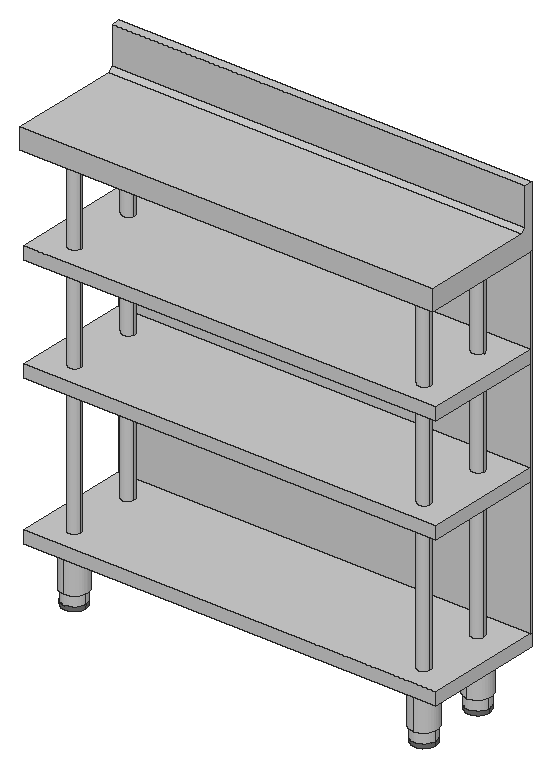
Revit family "QF_INFRICO_ME301000_250818105113", category Specialty Equipment, Revit 2021
Family settings
  Round Connector Dimension = Use Diameter
  Part Type = Normal
  OmniClass Number = 23.40.40.14
  OmniClass Title = Food Service Equipment
  Work Plane-Based = No
  Always vertical = Yes
  Cut with Voids When Loaded = No
  Shared = No
  Room Calculation Point = No
Parameters (values of type "ME301000")
  Weight [instance] = 30.00 kg
  Warranty Start Date [instance] = ""
  Warranty Duration [instance] = ""
  URL Recommended Spares List [instance] = ""
  URL Manufacturer [instance] = ""
  URL Cutsheet [instance] = ""
  URL Critical Spares List [instance] = ""
  URL = "www.infrico.com"
  Technical Documentation [instance] = ""
  Tag Number [instance] = ""
  Status [instance] = ""
  Specification by User [instance] = ""
  Specification by Manufacturer [instance] = ""
  Sound Level [instance] = ""
  Show Logo [instance] = yes
  Show Clearances [instance] = yes
  Service Life Duration [instance] = ""
  Serial Number [instance] = ""
  Seismic Rating [instance] = ""
  SMACNA No [instance] = ""
  Revision Code [instance] = ""
  Revision [instance] = ""
  Production Year [instance] = ""
  Point Load [instance] = 0
  Other Equipment Approvals [instance] = ""
  NAFEM Spec ID Number [instance] = ""
  Model Warning [instance] = ""
  Model = "ME301000"
  Masterspec [instance] = ""
  Manufacturer = "INFRICO"
  Length Actual [instance] = 1000 mm
  Item Number [instance] = ""
  Installed By [instance] = ""
  Installation Date [instance] = ""
  Identify Quantity as Lot [instance] = no
  ID [instance] = ""
  Hygiene Approval [instance] = ""
  Height Actual [instance] = 1050 mm
  Furnished By [instance] = ""
  Foodservice Equipment Identifier [instance] = no
  ETL Approved [instance] = no
  Description = "SHELF UNIT AND WORKING TABLE - ME SERIES"
  Depth Actual [instance] = 300 mm
  Default Elevation = 0 mm
  Cost = 0
  CSI MasterFormat [instance] = ""
  CE Approved [instance] = no
  Barcode [instance] = 0
  Author [instance] = ""
  Asset Identifier [instance] = ""
  Accessory [instance] = no
Reference planes
  plane 1 "Center (Front/Back)": y = 0
  plane 2: z = 0
  plane 3 "Center (Left/Right)": x = 0
Dimensions and locks
  aligned and locked: level to plane 2
Nested families
  nested 1: "QF_INFRICO_ME301000_2920" at (0, 0, 0), type "ME301000"
    with Weight 30.00 kg, Warranty Start Date "", Warranty Duration "", URL Cutsheet "", Technical Documentation "", Tag Number "", Status "", Specification by User "", Specification by Manufacturer "", Sound Level "", Solid Fuel Type "", Show Logo yes, Show Clearances yes, Show Clearance yes, Service Life Duration "", Serial Number "", Seismic Rating "", SMACNA No "", Revision Code "", Revision "", Production Year "", Point Load 0, Other Equipment Approvals "", NAFEM Spec ID Number "", Model Warning "", Masterspec "", Length Actual 1000 mm, Item Number "", Installed By "", Installation Date "", Identify Quantity as Lot yes, ID "", Hygiene Approval "", Height Actual 1050 mm, Furnished By "", Foodservice Equipment Identifier yes, ETL Approved yes, Depth Actual 300 mm, CSI MasterFormat "", CE Approved no, Barcode "", Author "", Asset Identifier "", Accessory no
  nested 2: "QF_INFRICO_WORKTOP_BACKSPLASH_3811" at (0, 0, 990), type "BKSP10_30"
    with Weight 0.00 kg, Warranty Start Date "", Warranty Duration "", URL Cutsheet "", Technical Documentation "", Tag Number "", Status "", Specification by User "", Specification by Manufacturer "", Sound Level "", Solid Fuel Type "", Show Logo yes, Show Clearances yes, Show Clearance yes, Service Life Duration "", Serial Number "", Seismic Rating "", SMACNA No "", Revision Code "", Revision "", Production Year "", Point Load 0, Other Equipment Approvals "", NAFEM Spec ID Number "", Model Warning "", Masterspec "", Length Actual 1000 mm, Item Number "", Installed By "", Installation Date "", Identify Quantity as Lot yes, ID "", Hygiene Approval "", Height Actual 150 mm, Furnished By "", Foodservice Equipment Identifier yes, ETL Approved yes, Depth Actual 300 mm, CSI MasterFormat "", CE Approved no, Barcode "", Author "", Asset Identifier "", Accessory yes
Definition of nested family "QF_INFRICO_ME301000_2920"
  Parameters (values of type "ME301000")
    Weight [instance] = 0.00 kg
    Warranty Start Date [instance] = ""
    Warranty Duration [instance] = ""
    URL Cutsheet [instance] = ""
    URL = "www.infrico.com"
    Technical Documentation [instance] = ""
    Tag Number [instance] = ""
    Status [instance] = ""
    Specification by User [instance] = ""
    Specification by Manufacturer [instance] = ""
    Sound Level [instance] = ""
    Solid Fuel Type [instance] = ""
    Show Logo [instance] = yes
    Show Clearances [instance] = yes
    Show Clearance [instance] = yes
    Service Life Duration [instance] = ""
    Serial Number [instance] = ""
    Seismic Rating [instance] = ""
    SMACNA No [instance] = ""
    Revision Code [instance] = ""
    Revision [instance] = ""
    Production Year [instance] = ""
    Point Load [instance] = 0
    Other Equipment Approvals [instance] = ""
    NAFEM Spec ID Number [instance] = ""
    Model Warning [instance] = ""
    Model = "ME301000"
    Masterspec [instance] = ""
    Manufacturer = "INFRICO"
    Length Actual [instance] = 0 mm
    Item Number [instance] = ""
    Installed By [instance] = ""
    Installation Date [instance] = ""
    Identify Quantity as Lot [instance] = yes
    ID [instance] = ""
    Hygiene Approval [instance] = ""
    Height Actual [instance] = 0 mm
    Furnished By [instance] = ""
    Foodservice Equipment Identifier [instance] = yes
    ETL Approved [instance] = yes
    Description = "SHELF UNIT AND WORKING TABLE - ME SERIES"
    Depth Actual [instance] = 0 mm
    Default Elevation = 0 mm
    CSI MasterFormat [instance] = ""
    CE Approved [instance] = yes
    Barcode [instance] = ""
    Author [instance] = ""
    Asset Identifier [instance] = ""
    Assembly Code = "E1090320"
    Accessory [instance] = yes
  Reference planes
    plane 1 "Back": y = 0
    plane 2: z = 0
    plane 3 "Left": x = 0
    plane 4 "Right": x = 1000
    plane 5 "Front": y = -300
    plane 6 "Top": z = 990
  Forms (mm)
    Extrusion 1, solid
      sketch origin (-1970.077, 409.342, 162.208) x (1, 0, 0) y (0, 1, 0)
        loop
          circle (2046.064, -477.342) r 15
      from -2.208 to 827.792
    Extrusion 2, solid
      sketch origin (-2000, 0, 130) x (0, 1, 0) y (0, 0, 1)
        loop
          line (0, 0) -> (0, 30) -> (-290, 30) -> (-290, 0) -> (0, 0)
      from 2000 to 3000
    Extrusion 3, solid
      sketch origin (-1122.064, 409.342, 162.208) x (1, 0, 0) y (0, 1, 0)
        loop
          circle (2046.064, -477.342) r 15
      from -2.208 to 827.792
    Extrusion 4, solid
      sketch origin (-1970.077, 246.342, 162.208) x (1, 0, 0) y (0, 1, 0)
        loop
          circle (2046.064, -477.342) r 15
      from -2.208 to 827.792
    Extrusion 5, solid
      sketch origin (-1122.064, 246.342, 162.208) x (1, 0, 0) y (0, 1, 0)
        loop
          circle (2046.064, -477.342) r 15
      from -2.208 to 827.792
    Extrusion 6, solid
      sketch origin (1144.499, 0, 130) x (0, 1, 0) y (0, 0, 1)
        loop
          line (0, 30) -> (0, 860) -> (-2, 860) -> (-2, 30) -> (0, 30)
      from -1144.499 to -144.499
    Extrusion 7, solid
      sketch origin (-123.986, 349, 130) x (0, 1, 0) y (-1, 0, 0)
        loop
          line (-530, -154.986) -> (-630, -154.986) -> (-630, -244.986) -> (-530, -244.986) -> (-530, -154.986)
      from 0 to -3
    Extrusion 8, solid
      sketch origin (-123.986, 349, 0) x (1, 0, 0) y (0, 1, 0)
        loop
          circle (199.986, -580) r 28
      from 9 to 35
    Extrusion 9, solid
      sketch origin (-123.986, 349, 0) x (1, 0, 0) y (0, 1, 0)
        loop
          circle (199.986, -580) r 28.5
      from 0 to 9
    Sweep 10, solid
      path origin (-123.986, 349, 0) x (0, 1, 0) y (0, 0, 1)
        loop
          line (-580, 35) -> (-580, 127)
      profile origin (-123.986, -231, 81) x (0, -1, 0) y (1, 0, 0)
        loop
          circle (0, 199.986) r 32
    Extrusion 11, solid
      sketch origin (-123.986, 512, 130) x (0, 1, 0) y (-1, 0, 0)
        loop
          line (-530, -154.986) -> (-630, -154.986) -> (-630, -244.986) -> (-530, -244.986) -> (-530, -154.986)
      from 0 to -3
    Extrusion 12, solid
      sketch origin (-123.986, 512, 0) x (1, 0, 0) y (0, 1, 0)
        loop
          circle (199.986, -580) r 28
      from 9 to 35
    Extrusion 13, solid
      sketch origin (-123.986, 512, 0) x (1, 0, 0) y (0, 1, 0)
        loop
          circle (199.986, -580) r 28.5
      from 0 to 9
    Sweep 14, solid
      path origin (-123.986, 512, 0) x (0, 1, 0) y (0, 0, 1)
        loop
          line (-580, 35) -> (-580, 127)
      profile origin (-123.986, -68, 81) x (0, -1, 0) y (1, 0, 0)
        loop
          circle (0, 199.986) r 32
    Extrusion 15, solid
      sketch origin (684.027, 349, 130) x (0, 1, 0) y (-1, 0, 0)
        loop
          line (-530, -194.986) -> (-630, -194.986) -> (-630, -284.986) -> (-530, -284.986) -> (-530, -194.986)
      from 0 to -3
    Extrusion 16, solid
      sketch origin (684.027, 349, 0) x (1, 0, 0) y (0, 1, 0)
        loop
          circle (239.986, -580) r 28
      from 9 to 35
    Extrusion 17, solid
      sketch origin (684.027, 349, 0) x (1, 0, 0) y (0, 1, 0)
        loop
          circle (239.986, -580) r 28.5
      from 0 to 9
    Sweep 18, solid
      path origin (1124.027, 349, 0) x (0, -1, 0) y (0, 0, 1)
        loop
          line (580, 35) -> (580, 127)
      profile origin (1124.027, -231, 81) x (0, 1, 0) y (-1, 0, 0)
        loop
          circle (0, 199.986) r 32
    Extrusion 19, solid
      sketch origin (684.027, 512, 130) x (0, 1, 0) y (-1, 0, 0)
        loop
          line (-530, -194.986) -> (-630, -194.986) -> (-630, -284.986) -> (-530, -284.986) -> (-530, -194.986)
      from 0 to -3
    Extrusion 20, solid
      sketch origin (684.027, 512, 0) x (1, 0, 0) y (0, 1, 0)
        loop
          circle (239.986, -580) r 28
      from 9 to 35
    Extrusion 21, solid
      sketch origin (684.027, 512, 0) x (1, 0, 0) y (0, 1, 0)
        loop
          circle (239.986, -580) r 28.5
      from 0 to 9
    Sweep 22, solid
      path origin (1124.027, 12, 0) x (0, -1, 0) y (0, 0, 1)
        loop
          line (80, 35) -> (80, 127)
      profile origin (1124.027, -68, 81) x (0, 1, 0) y (-1, 0, 0)
        loop
          circle (0, 199.986) r 32
    Extrusion 23, solid
      sketch origin (-2000, 0, 490) x (0, 1, 0) y (0, 0, 1)
        loop
          line (0, 0) -> (0, 30) -> (-290, 30) -> (-290, 0) -> (0, 0)
      from 2000 to 3000
    Extrusion 24, solid
      sketch origin (-2000, 0, 748) x (0, 1, 0) y (0, 0, 1)
        loop
          line (0, 0) -> (0, 30) -> (-290, 30) -> (-290, 0) -> (0, 0)
      from 2000 to 3000
  Lines and regions (mm)
    symbolic lines
      curve 1: line (0, 0, 0) -> (0, -300, 0)
      curve 2: line (0, -300, 0) -> (1000, -300, 0)
      curve 3: line (1000, -300, 0) -> (1000, 0, 0)
      curve 4: line (1000, 0, 0) -> (0, 0, 0)
  Dimensions and locks
    plane 3 "Left" to plane 4 "Right" = 1000 mm
    plane 1 "Back" to plane 5 "Front" = 300 mm  (x2)
    plane 4 "Right" to plane 3 "Left" = 1000 mm
    plane 6 "Top" to level = 990 mm  (x2)
    aligned and locked: level to plane 2
Definition of nested family "QF_INFRICO_WORKTOP_BACKSPLASH_3811"
  Parameters (values of type "ENC12CPMC10")
    Weight [instance] = 0.00 kg
    Warranty Start Date [instance] = ""
    Warranty Duration [instance] = ""
    URL Cutsheet [instance] = ""
    URL = "www.infrico.com"
    Technical Documentation [instance] = ""
    Tag Number [instance] = ""
    Status [instance] = ""
    Specification by User [instance] = ""
    Specification by Manufacturer [instance] = ""
    Sound Level [instance] = ""
    Solid Fuel Type [instance] = ""
    Show Logo [instance] = yes
    Show Clearances [instance] = yes
    Show Clearance [instance] = yes
    Service Life Duration [instance] = ""
    Serial Number [instance] = ""
    Seismic Rating [instance] = ""
    SMACNA No [instance] = ""
    Revision Code [instance] = ""
    Revision [instance] = ""
    Production Year [instance] = ""
    Point Load [instance] = 0
    Other Equipment Approvals [instance] = ""
    NAFEM Spec ID Number [instance] = ""
    Model Warning [instance] = ""
    Model = "ENC12CPGN19"
    Masterspec [instance] = ""
    Manufacturer = "INFRICO"
    Length Actual [instance] = 0 mm
    Length = 1000 mm
    Item Number [instance] = ""
    Installed By [instance] = ""
    Installation Date [instance] = ""
    Identify Quantity as Lot [instance] = yes
    ID [instance] = ""
    Hygiene Approval [instance] = ""
    Height Actual [instance] = 0 mm
    Furnished By [instance] = ""
    Foodservice Equipment Identifier [instance] = yes
    ETL Approved [instance] = yes
    Description = "WORKTOP WITH BACKSPLASH"
    Depth Actual [instance] = 0 mm
    Depth = 600 mm
    Default Elevation = 0 mm
    CSI MasterFormat [instance] = ""
    CE Approved [instance] = yes
    Barcode [instance] = ""
    Author [instance] = ""
    Asset Identifier [instance] = ""
    Assembly Code = "E1090320"
    Accessory [instance] = yes
  Types (30, lengths in mm): name | Model | Length | Description | Depth
    ENC12CPGN19 | "ENC12CPGN19" | 1960 | "WORKTOP WITH BACKSPLASH" | 700
    ENC12CPGN14 | "ENC12CPGN14" | 1468 | "WORKTOP WITH BACKSPLASH" | 700
    ENC12CPGN24 | "ENC12CPGN24" | 2452 | "WORKTOP WITH BACKSPLASH" | 700
    ENC12CPGN14R | "ENC12CPGN14R" | 1160 | "WORKTOP WITH BACKSPLASH" | 700
    ENC12CPGN19R | "ENC12CPGN19R" | 1652 | "WORKTOP WITH BACKSPLASH" | 700
    ENC12CPGN24R | "ENC12CPGN24R" | 2144 | "WORKTOP WITH BACKSPLASH" | 700
    ENC12CPBM20 | "ENC12CPBM20" | 1960 | "WORKTOP WITH BACKSPLASH" | 600
    ENC12CPBM15 | "ENC12CPBM15" | 1468 | "WORKTOP WITH BACKSPLASH" | 600
    ENC12CPBM25 | "ENC12CPBM25" | 2452 | "WORKTOP WITH BACKSPLASH" | 600
    ENC12CPBM15R | "ENC12CPBM15R" | 1160 | "WORKTOP WITH BACKSPLASH" | 600
    ENC12CPBM20R | "ENC12CPBM20R" | 1652 | "WORKTOP WITH BACKSPLASH" | 600
    ENC12CPBM25R | "ENC12CPBM25R" | 2144 | "WORKTOP WITH BACKSPLASH" | 600
    ENC12CPME10 | "ENC12CPME10" | 978 | "WORKTOP WITH BACKSPLASH" | 700
    ENC12CPME14 | "ENC12CPME14" | 1460 | "WORKTOP WITH BACKSPLASH" | 700
    ENC12CPMC8 | "ENC12CPGN19" | 820 | "WORKTOP WITH BACKSPLASH" | 600
    ENC12CPMC10 | "ENC12CPGN19" | 1000 | "WORKTOP WITH BACKSPLASH" | 600
    ENC12CPMC15 | "ENC12CPGN19" | 1468 | "WORKTOP WITH BACKSPLASH" | 600
    BKSP10_30 | "BKSP10_30" | 1000 | "WORKTOP WITH BACKSPLASH 1000_300" | 300
    BKSP15_60 | "BKSP15_60" | 1468 | "WORKTOP WITH BACKSPLASH 1500_600" | 600
    BKSP15_30 | "BKSP15_30" | 1468 | "WORKTOP WITH BACKSPLASH 1500_300" | 300
    BKSP20_30 | "BKSP20_30" | 1960 | "WORKTOP WITH BACKSPLASH 2000_300" | 300
    BKSP20_60 | "BKSP20_60" | 1960 | "WORKTOP WITH BACKSPLASH 2000_600" | 600
    BKSP10_60 | "BKSP10_60" | 1000 | "WORKTOP WITH BACKSPLASH 1000_600" | 600
    BKSP10_70_MT | "BKSP10_70_MT" | 1000 | "WORKTOP WITH BACKSPLASH 1000_700" | 700
    BKSP15_60_MT | "BKSP15_60_MT" | 1500 | "WORKTOP WITH BACKSPLASH 1500_600" | 600
    BKSP15_70_MT | "BKSP15_70_MT" | 1500 | "WORKTOP WITH BACKSPLASH 1500_700" | 700
    BKSP20_60_MT | "BKSP20_60_MT" | 2000 | "WORKTOP WITH BACKSPLASH 2000_600" | 600
    BKSP20_70_MT | "BKSP20_70_MT" | 2000 | "WORKTOP WITH BACKSPLASH 2000_700" | 700
    BKSP25_30 | "BKSP25_30" | 2452 | "WORKTOP WITH BACKSPLASH 2500_300" | 300
    BKSP25_60 | "BKSP25_60" | 2452 | "WORKTOP WITH BACKSPLASH 2500_600" | 600
  Reference planes
    plane 1 "Back": y = 0
    plane 2: z = 0
    plane 3 "Left": x = 0
    plane 4 "Right": x = 1000
    plane 5 "Front": y = -600
    plane 6 "Top": z = 150.03
  Forms (mm)
    Extrusion 1, solid
      sketch origin (0, 0, -660) x (0, 1, 0) y (0, 0, 1)
        loop
          line (0, 660) -> (0, 810.03) -> (-20, 810.03) -> (-20, 720.071) -> (-30.071, 710) -> (-600, 710) -> (-600, 660) -> (0, 660)
      from 0 to 1000
  Lines and regions (mm)
    symbolic lines
      curve 1: line (0, -600, 0) -> (1000, -600, 0)
      curve 2: line (0, 0, 0) -> (0, -600, 0)
      curve 3: line (1000, -600, 0) -> (1000, 0, 0)
      curve 4: line (1000, 0, 0) -> (0, 0, 0)
      curve 5: line (0, -20, 0) -> (1000, -20, 0)
  Dimensions and locks
    plane 6 "Top" to level = 150.03 mm
    plane 4 "Right" to plane 3 "Left" = 1000 mm
    "Length": plane 3 "Left" to plane 4 "Right"
    "Depth": plane 5 "Front" to plane 1 "Back"
    aligned and locked: level to plane 2
    aligned and locked: Extrusion 1 to plane 4 "Right"
  Automatic sketch dimensions
    curve 1 to plane 3 "Left" = 0 mm
    plane 1 "Back" to curve 4 = 0 mm
    curve 4 to plane 4 "Right" = 0 mm
    curve 1 to plane 5 "Front" = 0 mm
    plane 1 "Back" to curve 5 = 20 mm
    Extrusion 1 sketch curve to level = 0 mm
    Extrusion 1 sketch curve to plane 5 "Front" = 0 mm
    Extrusion 1 sketch curve to plane 6 "Top" = 0 mm
    Extrusion 1 sketch curve to plane 1 "Back" = 0 mm
    plane 1 "Back" to Extrusion 1 sketch curve = 30.071 mm
    Extrusion 1 sketch curve to Extrusion 1 sketch curve = 10.071 mm  (x2)
    level to Extrusion 1 sketch curve = 50 mm
